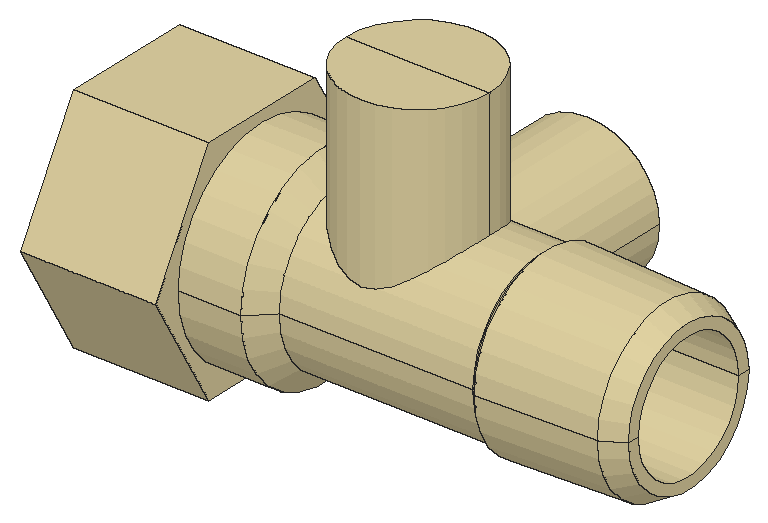
Revit family "HA00730000", category Apparecchi idraulici, Revit 2020
Family settings
  Quota connettore circolare = Usa diametro
  Tipo di parte = Normale
  Numero OmniClass = 23.45.00.00
  Titolo OmniClass = Sanitary, Laundry, and Cleaning Equipment
  Basato su piano di lavoro = No
  Sempre verticale = Sì
  Taglio con vuoti quando caricato = No
  Condiviso = No
  Punto di calcolo locali = No
Parameters
  URL = "https://web.cimberio.com/index.php/figura/636?subcategoria_id="
  Temperatura di esercizio = "-10 ÷ 120°C"
  Prospetto di default = 0 mm
  Produttore = "CIMBERIO SPA"
  Pressione nominale = "PN 20"
  Modello = "Cim 722"
  Materiale = "Prodotto in lega di ottone “CR” – “DZR” conforme alla norma EN 12165-CW602N-M"
  Descrizione = "Utilizzato nei più svariati settori dell'impiantistica: impianti di riscaldamento, condizionamento, idrici, igienico-sanitari e in generale con ogni fluido non corrosivo"
  DN Model [instance] = HA00731015 : HA00731015
  DN [instance] = 15 mm
  Commenti sul tipo = "Realizzato in ottemperanza ai requisiti gestionali della norma EN ISO 9001.\r\nCollaudato al 100% secondo la normativa EN 12266-1"
Reference planes
  plane 1 "Centro (Fronte/Retro)": y = 0
  plane 2: z = 0
  plane 3 "Centro (Sinistra/Destra)": x = 0
Dimensions and locks
  aligned and locked: level to plane 2
Nested families
  nested 1: "HA00731015" at (0, 0, 0), type <- "DN Model", type "HA00731015"
  nested 2: "HA00731015" at (0, 0, 0), type <- "DN Model", type "HA00731015"
  nested 3: "HA00731015" at (0, 0, 0), type <- "DN Model", type "HA00731015"
  nested 4: "HA00731015" at (0, 0, 0), type <- "DN Model", type "HA00731015"
  nested 5: "HA00731015" at (0, 0, 0), type <- "DN Model", type "HA00731015"
  nested 6: "HA00731015" at (0, 0, 0), type <- "DN Model", type "HA00731015"
  nested 7: "HA00731015" at (0, 0, 0), type <- "DN Model", type "HA00731015"
  nested 8: "HA00731015" at (0, 0, 0), type <- "DN Model", type "HA00731015"
  nested 9: "HA00731015" at (0, 0, 0), type <- "DN Model", type "HA00731015"
  nested 10: "HA00731015" at (0, 0, 0), type <- "DN Model", type "HA00731015"
  nested 11: "HA00731015" at (0, 0, 0), type <- "DN Model", type "HA00731015"
Connectors
  piping at (33.25, 0, 0), diameter 15, driven by "DN"
    settings: on nested 1, index 1, connector inside diameter 609.6 mm, connector length 0 mm, flow factor 0, pipe flow 0.0 L/s, pressure drop 0.0 Pa, fitting loss kfactor 0, connector angle 0.00°, fixture units 0, engagement length 0 mm, angle of deflection 0.00°, flow configuration 0, flow direction 0, fitting loss method 0, system type 7, joint type 0, gender type 0, connector reference index -1, connector utility 0, adjustable connector no, is connector primary yes, connector description ""
  piping at (-33.25, 0, 0), diameter 15, driven by "DN"
    settings: on nested 1, index 2, connector inside diameter 609.6 mm, connector length 0 mm, flow factor 0, pipe flow 0.0 L/s, pressure drop 0.0 Pa, fitting loss kfactor 0, connector angle 0.00°, fixture units 0, engagement length 0 mm, angle of deflection 0.00°, flow configuration 0, flow direction 0, fitting loss method 0, system type 7, joint type 0, gender type 0, connector reference index -1, connector utility 0, adjustable connector no, is connector primary no, connector description ""
Definition of nested family "HA00731015"
  Parameters (values of type "HA00731015")
    URL = ""
    Default Elevation = 0 mm
    Manufacturer = ""
    Model = ""
    Description = ""
    Type Comments = ""
  Reference planes
    plane 1 "Centro (Fronte/Retro)": y = 0
    plane 2: z = 0
    plane 3 "Centro (Sinistra/Destra)": x = 0
  Forms (mm)
    Revolve 1, solid
      sketch origin (0, 0, 0) x (1, 0, 0) y (0, 1, 0)
        loop
          line (-17.25, -7.5) -> (-17.25, -12.5) -> (-9.75, -12.5) -> (-7.25, -10) -> (15.75, -10) -> (15.75, -7.5) -> (-17.25, -7.5)
        axis (-17.25, 0) -> (15.75, 0)
      angle from 0 to 360
    Revolve 2, solid
      sketch origin (0, 0, 0) x (1, 0, 0) y (0, 1, 0)
        loop
          line (9.749, 25) -> (1.25, 25) -> (1.25, 4.758) -> (9.749, 4.758) -> (9.749, 25)
        axis (1.25, 25) -> (1.25, 4.758)
      angle from 0 to 360
    Revolve 3, solid
      sketch origin (0, 0, 0) x (1, 0, 0) y (0, 1, 0)
        loop
          line (16.506, 10.756) -> (15.75, 10) -> (15.75, 7.5) -> (33.25, 7.5) -> (33.25, 8.857) -> (30.75, 10.3) -> (16.506, 10.756)
        axis (15.75, 0) -> (33.25, 0)
      angle from 0 to 360
    Extrusion 4, solid
      sketch origin (0, 0, 0) x (0, 1, 0) y (0, 0, 1)
        loop
          circle (0, 0) r 7.5
        loop
          line (-15.75, 0) -> (-7.875, -13.64) -> (7.875, -13.64) -> (15.75, 0) -> (7.875, 13.64) -> (-7.875, 13.64) -> (-15.75, 0)
      from -33.25 to -17.25
    Revolve 5, solid
      sketch origin (0, 0, 0) x (1, 0, 0) y (0, 0, 1)
        loop
          line (9.75, 25) -> (1.25, 25) -> (1.25, 4.724) -> (9.75, 4.724) -> (9.75, 25)
        axis (1.25, 25) -> (1.25, 4.724)
      angle from 0 to 360
  Dimensions and locks
    aligned and locked: level to plane 2
